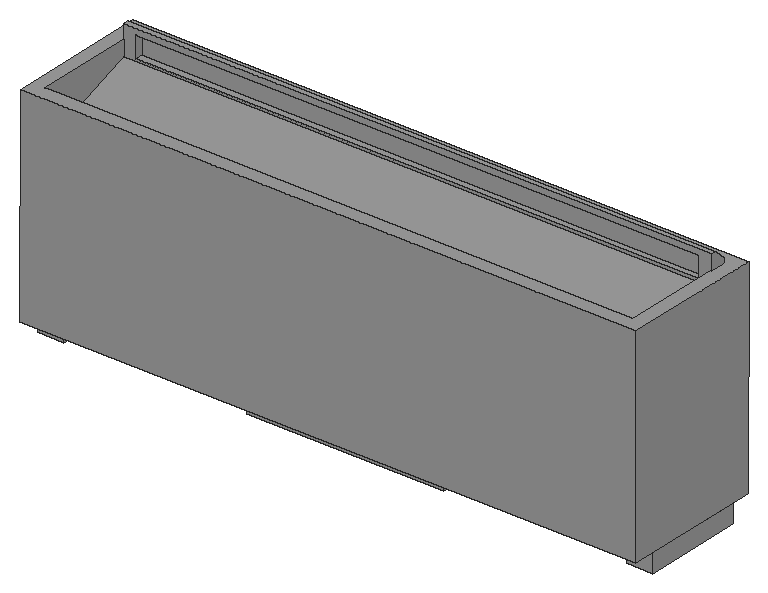
Revit family "Alcon - 15100_Wal Wash Linear", category Lighting Fixtures, host Face, Revit 2025
Family settings
  Host = Face
  Round Connector Dimension = Use Diameter
  Part Type = Normal
  Cut with Voids When Loaded = No
  Light Source = Yes
  Maintain Annotation Orientation = No
  Shared = No
  Room Calculation Point = No
Parameters
  Wattage = 9.2903 W
  built-in parameter 1150110 = 1 (stored number, unit not read)
  built-in parameter 1114217 = 1 (stored number, unit not read)
  Tilt Angle = 60.00°
  built-in parameter 1150109 = 1 (stored number, unit not read)
  built-in parameter 1150134 = 3
  built-in parameter 1150113 = 1 (stored number, unit not read)
  built-in parameter 1010507 = 1.5708 (stored number, unit not read)
  built-in parameter 1010506 = 0.5236 (stored number, unit not read)
  built-in parameter 1150105 = 4614.1 (stored number, unit not read)
  Lumens = 1380 lm
  built-in parameter 1150115 = 1 (stored number, unit not read)
  Light Source Symbol Length = 10' - 0"
  built-in parameter 1150137 = (empty or 0)
  built-in parameter 1150139 = (empty or 0)
  built-in parameter 1150112 = 1 (stored number, unit not read)
  built-in parameter 1150114 = 1 (stored number, unit not read)
  built-in parameter 1150132 = (empty or 0)
  built-in parameter 1150102 = (empty or 0)
  built-in parameter 1150107 = 3200 (stored number, unit not read)
  built-in parameter 1150138 = (empty or 0)
  built-in parameter 1150106 = 46.141 (stored number, unit not read)
  Housing = Default
  Glass Frosted = Glass, Frosted
  Fixture Length = 0' - 11.9"
  built-in parameter 1150104 = 13.8 (stored number, unit not read)
  Dimming Lamp Color Temperature Shift = (empty or 0)
  Default Elevation = 4' - 0"
  Color Filter = 16777215
  built-in parameter 1114218 = 1 (stored number, unit not read)
  built-in parameter 1150133 = 10 (stored number, unit not read)
Reference planes (in)
  plane 1 "Center (Front/Back)": y = 0
  plane 2: z = 0
  plane 3 "Center (Left/Right)": x = 0
Forms (in)
  Extrusion 1, solid, material "Default" <- "Housing"
    sketch origin (0, 0, 0) x (0, 1, 0) y (0, 0, 1)
      loop
        line (0.65, 2.17) -> (-0.65, 2.17) -> (-0.65, 0.25) -> (0.65, 0.25) -> (0.65, 2.17)
    from 0 to 5.67
  Extrusion 2, solid, material "Default" <- "Housing"
    sketch origin (1.92875, 0.80127, 0) x (0, 1, 0) y (0, 0, 1)
      loop
        line (-0.32706, 0.25) -> (-1.25034, 0.25) -> (-1.25034, 0.0773) -> (-0.32706, 0.0773) -> (-0.32706, 0.25)
    from 0 to 1.8125
  Extrusion 3, solid, material "Default" <- "Housing"
    sketch origin (0, -0.35, 0.25) x (1, 0, 0) y (0, -1, 0)
      loop
        line (0.24219, -0.82421) -> (0.24219, 0.09907) -> (0, 0.09907) -> (0, -0.82421) -> (0.24219, -0.82421)
      loop
        line (5.67, -0.82421) -> (5.67, 0.09907) -> (5.42781, 0.09907) -> (5.42781, -0.82421) -> (5.67, -0.82421)
    from 0 to 0.1727
  Extrusion 4, void
    sketch origin (0, 0.35, 2.17) x (1, 0, 0) y (0, -1, 0)
      loop
        line (0.125, -0.175) -> (5.545, -0.175) -> (5.545, 0.875) -> (0.125, 0.875) -> (0.125, -0.175)
    from 0 to 1.40684
  Extrusion 5, solid, material "Glass, Frosted" <- "Glass Frosted"
    sketch origin (0, 0.22322, 2.27107) x (0, -0.939693, -0.34202) y (1, 0, 0)
      loop
        line (-0.06909, 5.545) -> (-0.06909, 0.125) -> (0.93372, 0.125) -> (0.93372, 5.545) -> (-0.06909, 5.545)
    from -0.3427 to -0.27525
  Extrusion 6, solid, material "Default" <- "Housing"
    sketch origin (0, 0, 0) x (0, -1, 0) y (0, 0, 1)
      loop
        line (-0.525, 1.95944) -> (-0.38094, 1.95944) -> (-0.38094, 2.30672) -> (-0.42858, 2.30672) -> (-0.525, 2.2103) -> (-0.525, 1.95944)
    from -0.125 to -5.545
  Extrusion 7, void
    sketch origin (0, 0.38094, 2.36958) x (0, 0, 1) y (1, 0, 0)
      loop
        line (-0.11335, 0.24219) -> (-0.11335, 5.42781) -> (-0.31155, 5.42781) -> (-0.31155, 0.24219) -> (-0.11335, 0.24219)
    from 0 to 0.0625
Cuts and joins
  Extrusion 4 cuts Extrusion 1
  Extrusion 7 cuts Extrusion 6
Lines and regions (in)
  reference lines
    curve 1: line (1.92875, -2.48319, 0) -> (1.92875, 2.01681, 0)
    curve 2: line (5.42781, 2.01681, 0) -> (5.42781, -2.48319, 0)
    curve 3: line (5.62551, 2.01681, 0) -> (5.62551, -2.48319, 0)
    curve 4: line (5.67, 2.01681, 0) -> (5.67, -2.48319, 0)
    curve 5: line (0.24219, 2.01681, 0) -> (0.24219, -2.48319, 0)
    curve 6: line (0.04449, 2.01681, 0) -> (0.04449, -2.48319, 0)
Dimensions and locks (in)
  aligned and locked: plane 2 to host face
  aligned and locked: level to host face
